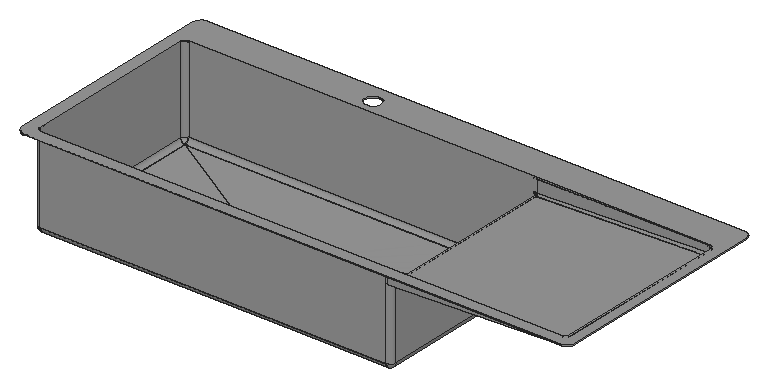
Revit family "Alma-TLAN08R-Jayden-RHS-1200-Stainless-Steel", category Plumbing Fixtures, host Face, Revit 2022
Family settings
  Host = Face
  Round Connector Dimension = Use Diameter
  Part Type = Normal
  Cut with Voids When Loaded = No
  Maintain Annotation Orientation = No
  Shared = No
  Room Calculation Point = No
Parameters (values of type "Jayden RHS 1200 Stainless Steel")
  Width = 770.0 mm
  Undermount [instance] = 30.0 mm
  URL = "https://www.buildmat.com.au/products/jayden-1200x500-single-bowl-tap-landing-with-right-drain-board-sink"
  Model = "TLAN08R"  # constant formula
  Manufacturer = "BUILDMAT"  # constant formula
  Length = 400.0 mm
  Drainboard Length = 380.0 mm
  Description = "Jayden 1200x500 Single Bowl with Tap Landing & RHS Drain Board Sink"  # constant formula
  Depth = 205.0 mm
  Default Elevation = 1219.2 mm
  Created = "22.12.2023"  # constant formula
  Brand = "Alma"  # constant formula
  Bowl = Alma Stainless Steel
Reference planes
  plane 1 "Center (Front/Back)": y = 0
  plane 2: z = 0
  plane 3 "Center (Left/Right)": x = 0
  plane 4 "Left": x = -385
  plane 5 "Right": x = 385
  plane 6 "Back": y = 200
  plane 7 "Front": y = -200
  plane 8 "Drainboard": x = 765
  plane 9: x = -386.5
  plane 10: x = 766.5
  plane 11: x = -375
  plane 12: x = 375
  plane 13: x = -410
  plane 14: x = 790
  plane 15: y = 201.5
  plane 16: y = -201.5
  plane 17: y = 100
  plane 18: y = -100
  plane 19: y = 275
  plane 20: y = -225
  plane 21 "Top Substrate": z = -30
  plane 22: z = -28.5
  plane 23 "Bottom Void": z = -235
  plane 24: z = -215
  plane 25: z = -225
  plane 26 "Sound Pad": z = -115
  plane 27: z = -226.5
  plane 28: z = -230
  plane 29: z = -231.5
  plane 30: x = -285
  plane 31: x = 285
  plane 32: x = 386.5
  plane 33: x = 755
  plane 34: y = 190
  plane 35: y = -190
  plane 36: x = -45
  plane 37: x = -57
  plane 38: x = 45
  plane 39: x = 57
  plane 40: z = -60
  plane 41: z = -45
  plane 42: x = -100
  plane 43: x = 100
  plane 44: x = 665
  plane 45: y = 232
  plane 46: y = 249.5
  plane 47: y = 214.5
  plane 48: x = -17.5
  plane 49: x = 17.5
Forms (mm)
  Extrusion 1, void
    sketch origin (0, 0, -30) x (-1, 0, 0) y (0, -1, 0)
      loop
        arc (390, -275) -> (404.142, -269.142) -> (410, -255) r 20
        line (410, -255) -> (410, 205)
        arc (410, 205) -> (404.142, 219.142) -> (390, 225) r 20
        line (390, 225) -> (-770, 225)
        arc (-770, 225) -> (-784.142, 219.142) -> (-790, 205) r 20
        line (-790, 205) -> (-790, -255)
        arc (-790, -255) -> (-784.142, -269.142) -> (-770, -275) r 20
        line (-770, -275) -> (390, -275)
    from 0 to 1.5
  Extrusion 2, void
    sketch origin (0, 0, -30) x (-1, 0, 0) y (0, -1, 0)
      loop
        arc (375, -200) -> (382.071, -197.071) -> (385, -190) r 10
        line (385, -190) -> (385, 190)
        arc (385, 190) -> (382.071, 197.071) -> (375, 200) r 10
        line (375, 200) -> (-755, 200)
        arc (-755, 200) -> (-762.071, 197.071) -> (-765, 190) r 10
        line (-765, 190) -> (-765, -190)
        arc (-765, -190) -> (-762.071, -197.071) -> (-755, -200) r 10
        line (-755, -200) -> (375, -200)
    from 1.5 to 30
  Extrusion 3, void
    sketch origin (0, 0, -30) x (-1, 0, 0) y (0, -1, 0)
      loop
        line (386.5, -201.5) -> (386.5, 201.5) -> (-766.5, 201.5) -> (-766.5, -201.5) -> (386.5, -201.5)
    from 0 to -205
  Extrusion 4, solid, material "Alma Stainless Steel" <- "Bowl"
    sketch origin (0, 0, -30) x (-1, 0, 0) y (0, -1, 0)
      loop
        arc (375, -200) -> (382.071, -197.071) -> (385, -190) r 10
        line (385, -190) -> (385, 190)
        arc (385, 190) -> (382.071, 197.071) -> (375, 200) r 10
        line (375, 200) -> (-375, 200)
        arc (-375, 200) -> (-382.071, 197.071) -> (-385, 190) r 10
        line (-385, 190) -> (-385, -190)
        arc (-385, -190) -> (-382.071, -197.071) -> (-375, -200) r 10
        line (-375, -200) -> (375, -200)
      loop
        arc (375, -201.5) -> (383.132, -198.132) -> (386.5, -190) r 11.5
        line (386.5, -190) -> (386.5, 190)
        arc (386.5, 190) -> (383.132, 198.132) -> (375, 201.5) r 11.5
        line (375, 201.5) -> (-375, 201.5)
        arc (-375, 201.5) -> (-383.132, 198.132) -> (-386.5, 190) r 11.5
        line (-386.5, 190) -> (-386.5, -190)
        arc (-386.5, -190) -> (-383.132, -198.132) -> (-375, -201.5) r 11.5
        line (-375, -201.5) -> (375, -201.5)
    from 0 to -185
  Extrusion 5, solid, material "Alma Stainless Steel" <- "Bowl"
    sketch origin (0, 0, -30) x (-1, 0, 0) y (0, -1, 0)
      loop
        arc (390, -275) -> (404.142, -269.142) -> (410, -255) r 20
        line (410, -255) -> (410, 205)
        arc (410, 205) -> (404.142, 219.142) -> (390, 225) r 20
        line (390, 225) -> (-770, 225)
        arc (-770, 225) -> (-784.142, 219.142) -> (-790, 205) r 20
        line (-790, 205) -> (-790, -255)
        arc (-790, -255) -> (-784.142, -269.142) -> (-770, -275) r 20
        line (-770, -275) -> (390, -275)
      loop
        arc (375, -200) -> (382.071, -197.071) -> (385, -190) r 10
        line (385, -190) -> (385, 190)
        arc (385, 190) -> (382.071, 197.071) -> (375, 200) r 10
        line (375, 200) -> (-755, 200)
        arc (-755, 200) -> (-762.071, 197.071) -> (-765, 190) r 10
        line (-765, 190) -> (-765, -190)
        arc (-765, -190) -> (-762.071, -197.071) -> (-755, -200) r 10
        line (-755, -200) -> (375, -200)
      loop
        circle (0, -232) r 17.5
    from 0 to 1.5
  Extrusion 6, solid, material "Alma Stainless Steel" <- "Bowl"
    sketch origin (0, 0, 0) x (1, 0, 0) y (0, 0, 1)
      loop
        line (-385, -215) -> (-386.5, -215)
        arc (-386.5, -215) -> (-383.132, -223.132) -> (-375, -226.5) r 11.5
        line (-375, -226.5) -> (-375, -225)
        arc (-375, -225) -> (-382.071, -222.071) -> (-385, -215) r 10
    from -190 to 190
  Extrusion 7, solid, material "Alma Stainless Steel" <- "Bowl"
    sketch origin (0, 0, 0) x (1, 0, 0) y (0, 0, 1)
      loop
        arc (385, -215) -> (382.071, -222.071) -> (375, -225) r 10
        line (375, -225) -> (375, -226.5)
        arc (375, -226.5) -> (383.132, -223.132) -> (386.5, -215) r 11.5
        line (386.5, -215) -> (385, -215)
    from -190 to 190
  Extrusion 8, solid, material "Alma Stainless Steel" <- "Bowl"
    sketch origin (0, 0, 0) x (0, 1, 0) y (0, 0, 1)
      loop
        arc (200, -215) -> (197.071, -222.071) -> (190, -225) r 10
        line (190, -225) -> (190, -226.5)
        arc (190, -226.5) -> (198.132, -223.132) -> (201.5, -215) r 11.5
        line (201.5, -215) -> (200, -215)
    from -375 to 375
  Extrusion 9, solid, material "Alma Stainless Steel" <- "Bowl"
    sketch origin (0, 0, 0) x (0, 1, 0) y (0, 0, 1)
      loop
        line (-200, -215) -> (-201.5, -215)
        arc (-201.5, -215) -> (-198.132, -223.132) -> (-190, -226.5) r 11.5
        line (-190, -226.5) -> (-190, -225)
        arc (-190, -225) -> (-197.071, -222.071) -> (-200, -215) r 10
    from -375 to 375
  Revolve 10, solid, material "Alma Stainless Steel" <- "Bowl"
    sketch origin (-414.842, 190, 1219.2) x (-1, 0, 0) y (0, 0, 1)
      loop
        line (-39.842, -1444.2) -> (-39.842, -1445.7)
        arc (-39.842, -1445.7) -> (-31.711, -1442.332) -> (-28.342, -1434.2) r 11.5
        line (-28.342, -1434.2) -> (-29.842, -1434.2)
        arc (-29.842, -1434.2) -> (-32.771, -1441.271) -> (-39.842, -1444.2) r 10
      axis (-39.842, -1434.2) -> (-39.842, -1445.7)
    angle from 0 to -90
  Revolve 11, solid, material "Alma Stainless Steel" <- "Bowl"
    sketch origin (-414.842, 190, 1219.2) x (-1, 0, 0) y (0, 0, 1)
      loop
        line (-799.842, -1434.2) -> (-801.342, -1434.2)
        arc (-801.342, -1434.2) -> (-797.974, -1442.332) -> (-789.842, -1445.7) r 11.5
        line (-789.842, -1445.7) -> (-789.842, -1444.2)
        arc (-789.842, -1444.2) -> (-796.913, -1441.271) -> (-799.842, -1434.2) r 10
      axis (-789.842, -1434.2) -> (-789.842, -1445.7)
    angle from 270 to 360
  Revolve 12, solid, material "Alma Stainless Steel" <- "Bowl"
    sketch origin (-414.842, -190, 1219.2) x (-1, 0, 0) y (0, 0, 1)
      loop
        line (-39.842, -1444.2) -> (-39.842, -1445.7)
        arc (-39.842, -1445.7) -> (-31.711, -1442.332) -> (-28.342, -1434.2) r 11.5
        line (-28.342, -1434.2) -> (-29.842, -1434.2)
        arc (-29.842, -1434.2) -> (-32.771, -1441.271) -> (-39.842, -1444.2) r 10
      axis (-39.842, -1434.2) -> (-39.842, -1445.7)
    angle from 0 to 90
  Revolve 13, solid, material "Alma Stainless Steel" <- "Bowl"
    sketch origin (-414.842, -190, 1219.2) x (-1, 0, 0) y (0, 0, 1)
      loop
        line (-799.842, -1434.2) -> (-801.342, -1434.2)
        arc (-801.342, -1434.2) -> (-797.974, -1442.332) -> (-789.842, -1445.7) r 11.5
        line (-789.842, -1445.7) -> (-789.842, -1444.2)
        arc (-789.842, -1444.2) -> (-796.913, -1441.271) -> (-799.842, -1434.2) r 10
      axis (-789.842, -1434.2) -> (-789.842, -1445.7)
    angle from -270 to -360
  Blend 14, solid, material "Alma Stainless Steel" <- "Bowl"
    base sketch origin (0, 0, -30) x (-1, 0, 0) y (0, -1, 0)
      loop
        circle (0, 0) r 57
    top sketch origin (0, 0, -30) x (-1, 0, 0) y (0, -1, 0)
      loop
        line (375, -190) -> (375, 190) -> (-375, 190) -> (-375, -190) -> (375, -190)
    from -201.5 to -196.5
  Extrusion 15, solid, material "Alma Stainless Steel" <- "Bowl"
    sketch origin (0, 0, -30) x (-1, 0, 0) y (0, -1, 0)
      loop
        line (375, -190) -> (375, 190) -> (-375, 190) -> (-375, -190) -> (375, -190)
    from -196.5 to -195
  Blend 16, void
    base sketch origin (0, 0, -30) x (-1, 0, 0) y (0, -1, 0)
      loop
        circle (0, 0) r 57
    top sketch origin (0, 0, -30) x (-1, 0, 0) y (0, -1, 0)
      loop
        line (375, -190) -> (375, 190) -> (-375, 190) -> (-375, -190) -> (375, -190)
    from -200 to -195
  Extrusion 17, void
    sketch origin (0, 0, -30) x (-1, 0, 0) y (0, -1, 0)
      loop
        circle (0, 0) r 57
    from -205 to -185
  Revolve 18, solid, material "Alma Stainless Steel" <- "Bowl"
    sketch origin (0, 0, 0) x (1, 0, 0) y (0, 0, 1)
      loop
        line (-45, -235) -> (-45, -233.5)
        spline (-45, -233.5) -> (-46.371, -233.47) -> (-47.718, -233.381) -> (-49.018, -233.234) -> (-50.25, -233.031) -> (-51.392, -232.777) -> (-52.425, -232.475) -> (-53.33, -232.131) -> (-54.093, -231.75) -> (-54.701, -231.339) -> (-55.142, -230.906) -> (-55.41, -230.457) -> (-55.5, -230)
        line (-55.5, -230) -> (-57, -230)
        spline (-57, -230) -> (-56.897, -230.653) -> (-56.591, -231.294) -> (-56.087, -231.913) -> (-55.392, -232.5) -> (-54.52, -233.044) -> (-53.485, -233.536) -> (-52.305, -233.967) -> (-51, -234.33) -> (-49.592, -234.619) -> (-48.106, -234.83) -> (-46.566, -234.957) -> (-45, -235)
      axis (0, -230) -> (0, -235)
    angle from 0 to 360
  Extrusion 19, solid, material "Alma Stainless Steel" <- "Bowl"
    sketch origin (0, 0, 0) x (1, 0, 0) y (0, 0, 1)
      loop
        line (766.5, -45) -> (766.5, -30) -> (765, -30) -> (765, -43.556) -> (375, -58.499) -> (375, -60) -> (766.5, -45)
    from -190 to 190
  Revolve 20, solid, material "Alma Stainless Steel" <- "Bowl"
    sketch origin (-414.842, -190, 1219.2) x (-1, 0, 0) y (0, 0, 1)
      loop
        line (-1181.342, -1249.2) -> (-1181.342, -1264.2) -> (-1169.842, -1264.641) -> (-1169.842, -1263.14) -> (-1179.842, -1262.756) -> (-1179.842, -1249.2) -> (-1181.342, -1249.2)
      axis (-1169.842, -1264.641) -> (-1169.842, -1249.2)
    angle from 0 to 90
  Revolve 21, solid, material "Alma Stainless Steel" <- "Bowl"
    sketch origin (-414.842, 190, 1219.2) x (-1, 0, 0) y (0, 0, 1)
      loop
        line (-1181.342, -1249.2) -> (-1181.342, -1264.2) -> (-1169.842, -1264.641) -> (-1169.842, -1263.14) -> (-1179.842, -1262.756) -> (-1179.842, -1249.2) -> (-1181.342, -1249.2)
      axis (-1169.842, -1249.2) -> (-1169.842, -1264.641)
    angle from -90 to 0
  SweptBlend 22, solid, material "Alma Stainless Steel" <- "Bowl"
    path origin (0, 0, -30) x (-1, 0, 0) y (0, -1, 0)
      loop
        line (-755, -200) -> (-375, -200)
    profile origin (755, 200, -30) x (0, -1, 0) y (0, 0, 1)
      loop
        line (-1.5, -15) -> (10, -15.419) -> (10, -13.918) -> (0, -13.554) -> (0, 0) -> (-1.5, 0) -> (-1.5, -15)
    end profile origin (375, 200, -30) x (0, -1, 0) y (0, 0, 1)
      loop
        line (10, -28.499) -> (0, -28.134) -> (0, 0) -> (-1.5, 0) -> (-1.5, -29.581) -> (10, -30) -> (10, -28.499)
  SweptBlend 23, solid, material "Alma Stainless Steel" <- "Bowl"
    path origin (0, 0, -30) x (-1, 0, 0) y (0, -1, 0)
      loop
        line (-755, 200) -> (-375, 200)
    profile origin (755, -200, -30) x (0, -1, 0) y (0, 0, 1)
      loop
        line (-10, -15.419) -> (1.5, -15) -> (1.5, 0) -> (0, 0) -> (0, -13.554) -> (-10, -13.918) -> (-10, -15.419)
    end profile origin (375, -200, -30) x (0, -1, 0) y (0, 0, 1)
      loop
        line (-10, -30) -> (1.5, -29.581) -> (1.5, 0) -> (0, 0) -> (0, -28.134) -> (-10, -28.499) -> (-10, -30)
  SweptBlend 24, void
    path origin (0, 0, 0) x (1, 0, 0) y (0, 0, 1)
      loop
        line (375, -30) -> (755, -30)
    profile origin (375, 0, -30) x (0, 0, 1) y (0, -1, 0)
      loop
        line (0, -200) -> (0, 200) -> (-29.635, 200) -> (-30, 190) -> (-30, -190) -> (-29.635, -200) -> (0, -200)
    end profile origin (755, 0, -30) x (0, 0, 1) y (0, -1, 0)
      loop
        line (0, -200) -> (0, 200) -> (-15, 200) -> (-15, -200) -> (0, -200)
  Extrusion 25, void
    sketch origin (0, 0, -30) x (-1, 0, 0) y (0, -1, 0)
      loop
        line (-375, -200) -> (-375, 200)
        arc (-375, 200) -> (-382.071, 197.071) -> (-385, 190) r 10
        line (-385, 190) -> (-385, -190)
        arc (-385, -190) -> (-382.071, -197.071) -> (-375, -200) r 10
    from 0 to -30
Cuts and joins
  SweptBlend 24 cuts Extrusion 4
  SweptBlend 24 cuts Extrusion 5
  joined: Extrusion 4, Extrusion 5
  Blend 16, Extrusion 17 cuts Blend 14
  Blend 16 cuts Extrusion 15
  joined: Blend 14, Extrusion 15
  SweptBlend 24 cuts Revolve 20
  SweptBlend 24 cuts Revolve 21
  Extrusion 25 cuts Extrusion 19
  Extrusion 25 cuts SweptBlend 22
  Extrusion 25 cuts SweptBlend 23
Lines and regions (mm)
  Masking region 1
    outline origin (0, 0, 0) x (1, 0, 0) y (0, 0, 1)
      loop
        line (-375, -225) -> (-57, -230) -> (57, -230) -> (375, -225)
        arc (375, -225) -> (382.071, -222.071) -> (385, -215) r 10
        line (385, -215) -> (385, -58.084) -> (765, -43.561) -> (765, -30) -> (-385, -30) -> (-385, -215)
        arc (-385, -215) -> (-382.071, -222.071) -> (-375, -225) r 10
  Masking region 2
    outline origin (0, 0, 0) x (1, 0, 0) y (0, 0, 1)
      loop
        line (-100, -230.466) -> (-100, -235) -> (-57, -235) -> (-57, -231.5) -> (-100, -230.466)
  Masking region 3
    outline origin (0, 0, 0) x (1, 0, 0) y (0, 0, 1)
      loop
        line (100, -230.466) -> (57, -231.5) -> (57, -235) -> (100, -235) -> (100, -230.466)
  Masking region 4
    outline origin (0, 0, 0) x (1, 0, 0) y (0, 0, 1)
      loop
        line (386.5, -107.929) -> (437.012, -57.417) -> (392.742, -59.261) -> (386.5, -65.503) -> (386.5, -107.929)
  Masking region 5
    outline origin (0, 0, 0) x (1, 0, 0) y (0, 0, 1)
      loop
        line (779, -30) -> (777.5, -30) -> (777.5, -45) -> (779, -45) -> (779, -30)
Text (mm)
  text "Refer to www.buildmat.com.au for the most current product literature. \nAllow a +/- 5mm tolerance for dimensions shown in the product literature. \nPlease note product details are subject to change due to ongoing product development." at (0.056, -1035.857, 0), in view "Ref. Level"
Dimensions and locks
  equal spacing: plane 4 "Left", plane 3 "Center (Left/Right)", plane 5 "Right"
  "Width": plane 4 "Left" to plane 5 "Right"
  equal spacing: plane 6 "Back", plane 1 "Center (Front/Back)", plane 7 "Front"
  "Length": plane 6 "Back" to plane 7 "Front"
  "Drainboard Length": plane 5 "Right" to plane 8 "Drainboard"
  plane 9 to plane 4 "Left" = 1.5 mm
  plane 8 "Drainboard" to plane 10 = 1.5 mm
  locked: plane 4 "Left" to plane 11 at 10
  locked: plane 12 to plane 5 "Right" at 10
  locked: plane 13 to plane 4 "Left" at 25
  locked: plane 8 "Drainboard" to plane 14 at 25
  locked: plane 15 to plane 6 "Back" at 1.5
  locked: plane 7 "Front" to plane 16 at 1.5
  locked: plane 6 "Back" to plane 17 at 100
  locked: plane 7 "Front" to plane 18 at 100
  locked: plane 7 "Front" to plane 20 at 25
  locked: plane 19 to plane 6 "Back" at 75
  locked: plane 22 to plane 21 "Top Substrate" at 1.5
  "Depth": plane 21 "Top Substrate" to plane 23 "Bottom Void"
  "Undermount": plane 2 to plane 21 "Top Substrate"
  plane 24 to plane 25 to plane 23 "Bottom Void" = 10.0 mm, 10.0 mm
  locked: plane 26 "Sound Pad" to plane 23 "Bottom Void" at 120
  locked: plane 25 to plane 27 at 1.5
  locked: plane 28 to plane 23 "Bottom Void" at 5
  plane 28 to plane 29 = 1.5 mm
  locked: plane 30 to plane 4 "Left" at 100
  locked: plane 5 "Right" to plane 31 at 100
  locked: plane 5 "Right" to plane 32 at 1.5
  locked: plane 33 to plane 8 "Drainboard" at 10
  locked: plane 6 "Back" to plane 34 at 10
  locked: plane 35 to plane 7 "Front" at 10
  plane 37 to plane 3 "Center (Left/Right)" to plane 39 = 57.0 mm, 57.0 mm
  plane 36 to plane 3 "Center (Left/Right)" to plane 38 = 45.0 mm, 45.0 mm
  plane 21 "Top Substrate" to plane 41 to plane 40 = 15.0 mm locked, 15.0 mm locked
  locked: Extrusion 19 sketch curve to Extrusion 19 sketch curve at 1.5
  plane 43 to plane 3 "Center (Left/Right)" to plane 42 = 100.0 mm locked, 100.0 mm locked
  locked: plane 44 to plane 8 "Drainboard" at 100
  plane 19 to plane 45 = 43.0 mm
  equal spacing: plane 48, plane 3 "Center (Left/Right)", plane 49
  plane 48 to plane 49 = 35.0 mm
  equal spacing: plane 46, plane 45, plane 47
  plane 46 to plane 47 = 35.0 mm
  aligned and locked: plane 2 to host face
  aligned and locked: level to host face
  aligned and locked: plane 13 to Extrusion 1 sketch curve
  aligned and locked: Extrusion 1 sketch curve to plane 14
  aligned and locked: Extrusion 1 sketch curve to plane 19
  aligned and locked: Extrusion 1 sketch curve to plane 20
  aligned and locked: plane 7 "Front" to Extrusion 2 sketch curve
  aligned and locked: plane 4 "Left" to Extrusion 2 sketch curve
  aligned and locked: Extrusion 2 sketch curve to plane 6 "Back"
  aligned and locked: Extrusion 2 sketch curve to plane 8 "Drainboard"
  aligned and locked: plane 2 to Extrusion 2
  aligned and locked: Extrusion 2 to plane 22
  aligned and locked: Extrusion 3 sketch curve to plane 9
  aligned and locked: plane 10 to Extrusion 3 sketch curve
  aligned and locked: plane 16 to Extrusion 3 sketch curve
  aligned and locked: Extrusion 3 sketch curve to plane 15
  aligned and locked: Extrusion 3 to plane 23 "Bottom Void"
  aligned and locked: plane 21 "Top Substrate" to Extrusion 3
  aligned and locked: Extrusion 4 sketch curve to plane 6 "Back"
  aligned and locked: Extrusion 4 sketch curve to plane 15
  aligned and locked: Extrusion 4 sketch curve to plane 9
  aligned and locked: Extrusion 4 sketch curve to plane 4 "Left"
  aligned and locked: Extrusion 4 sketch curve to plane 32
  aligned and locked: Extrusion 4 sketch curve to plane 5 "Right"
  aligned and locked: Extrusion 4 sketch curve to plane 7 "Front"
  aligned and locked: Extrusion 4 sketch curve to plane 16
  aligned and locked: plane 21 "Top Substrate" to Extrusion 4
  aligned and locked: Extrusion 4 to plane 24
  aligned and locked: Extrusion 5 sketch curve to plane 19
  aligned and locked: Extrusion 5 sketch curve to plane 6 "Back"
  aligned and locked: Extrusion 5 sketch curve to plane 7 "Front"
  aligned and locked: Extrusion 5 sketch curve to plane 20
  aligned and locked: Extrusion 5 sketch curve to plane 4 "Left"
  aligned and locked: Extrusion 5 sketch curve to plane 13
  aligned and locked: Extrusion 5 sketch curve to plane 14
  aligned and locked: Extrusion 5 sketch curve to plane 8 "Drainboard"
  aligned and locked: Extrusion 5 to plane 21 "Top Substrate"
  aligned and locked: Extrusion 5 to plane 22
  aligned and locked: plane 34 to Extrusion 6
  aligned and locked: Extrusion 6 to plane 35
  aligned and locked: plane 34 to Extrusion 7
  aligned and locked: Extrusion 7 to plane 35
  aligned and locked: plane 12 to Extrusion 9
  aligned and locked: Extrusion 9 to plane 11
  aligned and locked: Extrusion 8 to plane 11
  aligned and locked: plane 12 to Extrusion 8
  aligned and locked: Revolve 10 sketch curve to plane 11
  aligned and locked: Revolve 10 sketch curve to Extrusion 6  (x2)
  aligned and locked: cut or joined group of Extrusion 4, Extrusion 5, SweptBlend 24 to Revolve 10 sketch curve
  aligned and locked: Revolve 10 sketch curve to Extrusion 9
  aligned and locked: Revolve 11 sketch curve to plane 12
  aligned and locked: Revolve 11 sketch curve to Extrusion 7  (x2)
  aligned and locked: Revolve 11 sketch curve to cut or joined group of Extrusion 4, Extrusion 5, SweptBlend 24
  aligned and locked: Extrusion 9 to Revolve 11 sketch curve
  aligned and locked: Revolve 12 sketch curve to plane 11
  aligned and locked: Revolve 12 sketch curve to Extrusion 6  (x2)
  aligned and locked: cut or joined group of Extrusion 4, Extrusion 5, SweptBlend 24 to Revolve 12 sketch curve
  aligned and locked: Revolve 12 sketch curve to Extrusion 9
  aligned and locked: Revolve 13 sketch curve to plane 12
  aligned and locked: Revolve 13 sketch curve to Extrusion 7  (x2)
  aligned and locked: Revolve 13 sketch curve to cut or joined group of Extrusion 4, Extrusion 5, SweptBlend 24
  aligned and locked: Extrusion 9 to Revolve 13 sketch curve
  aligned and locked: plane 35 to Blend 14 sketch curve
  aligned and locked: Blend 14 sketch curve to plane 34
  aligned and locked: plane 11 to Blend 14 sketch curve
  aligned and locked: Blend 14 sketch curve to plane 12
  aligned and locked: Blend 14 to plane 29
  aligned and locked: Blend 14 to plane 27
  aligned and locked: plane 11 to Extrusion 15 sketch curve
  aligned and locked: Extrusion 15 sketch curve to plane 34
  aligned and locked: plane 35 to Extrusion 15 sketch curve
  aligned and locked: Extrusion 15 sketch curve to plane 12
  aligned and locked: Extrusion 15 to plane 27
  aligned and locked: Extrusion 15 to plane 25
  aligned and locked: Blend 16 sketch curve to plane 34
  aligned and locked: plane 35 to Blend 16 sketch curve
  aligned and locked: plane 11 to Blend 16 sketch curve
  aligned and locked: Blend 16 sketch curve to plane 12
  aligned and locked: plane 28 to Blend 16
  aligned and locked: Blend 16 to plane 25
  aligned and locked: Extrusion 17 to plane 23 "Bottom Void"
  aligned and locked: plane 24 to Extrusion 17
  aligned and locked: Revolve 18 sketch curve to plane 3 "Center (Left/Right)"
  aligned and locked: Extrusion 19 sketch curve to plane 10
  aligned and locked: Extrusion 19 sketch curve to plane 8 "Drainboard"
  aligned and locked: plane 21 "Top Substrate" to Extrusion 19 sketch curve
  aligned and locked: plane 12 to Extrusion 19 sketch curve
  aligned and locked: plane 40 to Extrusion 19 sketch curve
  aligned and locked: Extrusion 19 sketch curve to plane 41
  aligned and locked: Extrusion 19 to plane 35
  aligned and locked: Extrusion 19 to plane 34
  aligned and locked: plane 33 to Revolve 20 sketch curve  (x2)
  aligned and locked: Revolve 20 sketch curve to Extrusion 19  (x3)
  aligned and locked: Extrusion 19 to Revolve 20 sketch curve
  aligned and locked: cut or joined group of Extrusion 4, Extrusion 5, SweptBlend 24 to Revolve 20 sketch curve
  aligned and locked: Revolve 21 sketch curve to plane 33
  aligned and locked: Revolve 21 sketch curve to Extrusion 19  (x3)
  aligned and locked: Extrusion 19 to Revolve 21 sketch curve
  aligned and locked: Revolve 20 to Revolve 21 sketch curve
  aligned and locked: cut or joined group of Extrusion 4, Extrusion 5, SweptBlend 24 to Revolve 21 sketch curve
  aligned and locked: plane 12 to SweptBlend 22 sketch curve
  aligned and locked: plane 33 to SweptBlend 22 sketch curve
  aligned and locked: plane 6 "Back" to SweptBlend 22 sketch curve
  aligned and locked: plane 12 to SweptBlend 23 sketch curve
  aligned and locked: plane 33 to SweptBlend 23 sketch curve
  aligned and locked: plane 7 "Front" to SweptBlend 23 sketch curve
  aligned and locked: plane 12 to SweptBlend 24 sketch curve
  aligned and locked: plane 33 to SweptBlend 24 sketch curve
  aligned and locked: SweptBlend 24 sketch curve to plane 21 "Top Substrate"  (x3)
  aligned and locked: SweptBlend 24 sketch curve to plane 6 "Back"  (x2)
  aligned and locked: plane 7 "Front" to SweptBlend 24 sketch curve  (x2)
  aligned and locked: plane 40 to SweptBlend 24 sketch curve
  aligned and locked: plane 41 to SweptBlend 24 sketch curve
  aligned and locked: SweptBlend 22 to SweptBlend 24 sketch curve
  aligned and locked: SweptBlend 24 sketch curve to SweptBlend 23
  aligned and locked: Extrusion 25 sketch curve to cut or joined group of Extrusion 4, Extrusion 5, SweptBlend 24  (x2)
  aligned and locked: Extrusion 25 sketch curve to plane 12
  aligned and locked: Extrusion 25 to plane 40
  aligned and locked: nested 1 to plane 21 "Top Substrate"
  aligned and locked: plane 30 to nested 1
  aligned and locked: nested 2 to plane 21 "Top Substrate"
  aligned and locked: plane 31 to nested 2
  aligned and locked: nested 3 to plane 26 "Sound Pad"
  aligned and locked: plane 3 "Center (Left/Right)" to nested 3
  aligned and locked: plane 30 to nested 4
  aligned and locked: nested 4 to plane 15
  aligned and locked: plane 31 to nested 5
  aligned and locked: nested 5 to plane 15
  aligned and locked: nested 6 to plane 17
  aligned and locked: nested 6 to plane 9
  aligned and locked: nested 7 to plane 18
  aligned and locked: nested 7 to plane 9
  aligned and locked: nested 8 to plane 30
  aligned and locked: plane 16 to nested 8
  aligned and locked: plane 16 to nested 9
  aligned and locked: nested 9 to plane 31
  aligned and locked: nested 13 to plane 44
  aligned and locked: plane 44 to nested 10
  aligned and locked: nested 10 to plane 15
  aligned and locked: plane 16 to nested 13
  aligned and locked: plane 18 to nested 12
  aligned and locked: plane 10 to nested 12
  aligned and locked: plane 17 to nested 11
  aligned and locked: plane 10 to nested 11
  aligned and locked: plane 11 to nested 14
  aligned and locked: plane 12 to nested 14
  aligned and locked: plane 35 to nested 14
  aligned and locked: plane 34 to nested 14
  aligned and locked: plane 3 "Center (Left/Right)" to nested 15
  aligned and locked: plane 1 "Center (Front/Back)" to nested 15
Automatic sketch dimensions
  host sketch curve to host sketch curve = 2438.4 mm  (x2)
  Extrusion 1 sketch curve to plane 10 = 3.5 mm  (x2)
  plane 9 to Extrusion 1 sketch curve = 3.5 mm  (x2)
  Extrusion 2 sketch curve to plane 33 = 0.0 mm  (x2)
  Extrusion 2 sketch curve to plane 11 = 0.0 mm
  Extrusion 2 sketch curve to plane 34 = 0.0 mm
  Extrusion 4 sketch curve to Extrusion 4 sketch curve = 0.0 mm  (x4)
  Extrusion 4 sketch curve to plane 12 = 0.0 mm  (x2)
  Extrusion 4 sketch curve to plane 11 = 0.0 mm
  Extrusion 4 sketch curve to plane 34 = 0.0 mm
  Extrusion 6 sketch curve to plane 4 "Left" = 0.0 mm
  Extrusion 6 sketch curve to plane 11 = 0.0 mm
  Extrusion 6 sketch curve to plane 27 = 0.0 mm
  Extrusion 6 sketch curve to plane 25 = 0.0 mm
  Extrusion 7 sketch curve to plane 12 = 0.0 mm
  Extrusion 7 sketch curve to plane 5 "Right" = 0.0 mm
  Extrusion 7 sketch curve to plane 24 = 0.0 mm
  plane 32 to Extrusion 7 sketch curve = 0.0 mm
  Extrusion 8 sketch curve to plane 27 = 0.0 mm
  Extrusion 8 sketch curve to plane 34 = 0.0 mm
  Extrusion 8 sketch curve to plane 6 "Back" = 0.0 mm
  Extrusion 8 sketch curve to plane 15 = 0.0 mm
  Extrusion 9 sketch curve to plane 16 = 0.0 mm
  Extrusion 9 sketch curve to plane 7 "Front" = 0.0 mm
  Extrusion 9 sketch curve to plane 35 = 0.0 mm
  Extrusion 9 sketch curve to plane 24 = 0.0 mm
  Revolve 10 sketch curve to plane 27 = 0.0 mm
  Revolve 10 sketch curve to plane 24 = 10.0 mm
  Revolve 11 sketch curve to plane 27 = 0.0 mm
  Revolve 11 sketch curve to plane 24 = 0.0 mm
  Revolve 12 sketch curve to plane 27 = 0.0 mm
  Revolve 12 sketch curve to plane 24 = 0.0 mm
  Revolve 13 sketch curve to plane 27 = 0.0 mm
  Revolve 13 sketch curve to plane 24 = 0.0 mm
  plane 1 "Center (Front/Back)" to Blend 14 sketch curve = 0.0 mm
  Blend 14 sketch curve to plane 3 "Center (Left/Right)" = 0.0 mm
  plane 1 "Center (Front/Back)" to Blend 16 sketch curve = 0.0 mm
  Blend 16 sketch curve to plane 3 "Center (Left/Right)" = 0.0 mm
  plane 1 "Center (Front/Back)" to Extrusion 17 sketch curve = 0.0 mm
  Extrusion 17 sketch curve to plane 3 "Center (Left/Right)" = 0.0 mm
  Revolve 18 sketch curve to plane 28 = 0.0 mm  (x2)
  Revolve 18 sketch curve to plane 37 = 0.0 mm
  Revolve 18 sketch curve to plane 23 "Bottom Void" = 0.0 mm  (x2)
  Revolve 18 sketch curve to plane 36 = 0.0 mm
  Revolve 18 sketch curve to plane 24 = 0.0 mm
  plane 37 to Revolve 18 sketch curve = 1.5 mm
  Revolve 18 sketch curve to Revolve 18 sketch curve = 1.5 mm
  Revolve 20 sketch curve to plane 21 "Top Substrate" = 0.0 mm
  Revolve 20 sketch curve to plane 40 = 0.0 mm
  Revolve 21 sketch curve to plane 40 = 0.0 mm
  Revolve 21 sketch curve to plane 21 "Top Substrate" = 0.0 mm
  SweptBlend 22 sketch curve to plane 21 "Top Substrate" = 15.0 mm
  SweptBlend 22 sketch curve to profile plane = 10.0 mm  (x2)
  SweptBlend 22 sketch curve to SweptBlend 22 sketch curve = 0.419 mm  (x2)
  SweptBlend 22 sketch curve to SweptBlend 22 sketch curve = 1.501 mm  (x2)
  SweptBlend 22 sketch curve to SweptBlend 22 sketch curve = 1.446 mm  (x2)
  SweptBlend 22 sketch curve to plane 21 "Top Substrate" = 0.0 mm  (x2)
  profile plane to SweptBlend 22 sketch curve = 1.5 mm  (x2)
  SweptBlend 22 sketch curve to profile plane = 0.0 mm  (x2)
  SweptBlend 22 sketch curve to plane 21 "Top Substrate" = 28.499 mm
  SweptBlend 23 sketch curve to profile plane = 0.0 mm  (x2)
  SweptBlend 23 sketch curve to plane 21 "Top Substrate" = 0.0 mm  (x2)
  profile plane to SweptBlend 23 sketch curve = 10.0 mm
  SweptBlend 23 sketch curve to plane 21 "Top Substrate" = 13.554 mm
  SweptBlend 23 sketch curve to SweptBlend 23 sketch curve = 0.365 mm  (x2)
  SweptBlend 23 sketch curve to SweptBlend 23 sketch curve = 1.501 mm
  SweptBlend 23 sketch curve to profile plane = 1.5 mm  (x2)
  SweptBlend 23 sketch curve to SweptBlend 23 sketch curve = 1.446 mm  (x2)
  SweptBlend 23 sketch curve to plane 21 "Top Substrate" = 28.134 mm
  SweptBlend 23 sketch curve to SweptBlend 23 sketch curve = 0.419 mm
  SweptBlend 23 sketch curve to SweptBlend 23 sketch curve = 10.0 mm
  Masking region 1 sketch curve to plane 11 = 0.0 mm
  Masking region 1 sketch curve to plane 25 = 0.0 mm  (x2)
  Masking region 1 sketch curve to plane 8 "Drainboard" = 0.0 mm
  plane 41 to Masking region 1 sketch curve = 1.439 mm
  plane 40 to Masking region 1 sketch curve = 1.916 mm
  Masking region 1 sketch curve to plane 12 = 0.0 mm
  Masking region 1 sketch curve to plane 28 = 0.0 mm
  Masking region 1 sketch curve to plane 39 = 0.0 mm
  Masking region 1 sketch curve to plane 37 = 0.0 mm
  Masking region 1 sketch curve to plane 4 "Left" = 0.0 mm
  Masking region 1 sketch curve to plane 5 "Right" = 0.0 mm
  Masking region 1 sketch curve to plane 21 "Top Substrate" = 0.0 mm
  Masking region 2 sketch curve to plane 42 = 0.0 mm
  Masking region 2 sketch curve to plane 29 = 0.0 mm
  Masking region 2 sketch curve to plane 27 = 3.966 mm
  Masking region 2 sketch curve to plane 23 "Bottom Void" = 0.0 mm
  Masking region 2 sketch curve to plane 37 = 0.0 mm
  Masking region 3 sketch curve to plane 43 = 0.0 mm
  Masking region 3 sketch curve to plane 29 = 0.0 mm
  Masking region 3 sketch curve to plane 27 = 3.966 mm
  Masking region 3 sketch curve to plane 23 "Bottom Void" = 0.0 mm
  Masking region 3 sketch curve to plane 39 = 0.0 mm
  plane 32 to Masking region 4 sketch curve = 0.0 mm
  plane 26 "Sound Pad" to Masking region 4 sketch curve = 7.071 mm
  plane 40 to Masking region 4 sketch curve = 0.739 mm
  plane 5 "Right" to Masking region 4 sketch curve = 7.742 mm
  plane 40 to Masking region 4 sketch curve = 2.583 mm
  Masking region 4 sketch curve to plane 40 = 5.503 mm
  Masking region 4 sketch curve to Masking region 4 sketch curve = 44.271 mm
  Masking region 5 sketch curve to plane 41 = 0.0 mm
  Masking region 5 sketch curve to plane 10 = 11.0 mm
  Masking region 5 sketch curve to Masking region 5 sketch curve = 1.5 mm
  Masking region 5 sketch curve to plane 21 "Top Substrate" = 0.0 mm
  Extrusion 5 sketch curve to plane 33 = 0.0 mm  (x2)
  Extrusion 5 sketch curve to plane 3 "Center (Left/Right)" = 0.0 mm
  Extrusion 5 sketch curve to plane 11 = 0.0 mm  (x2)
  Extrusion 5 sketch curve to plane 45 = 0.0 mm
  Extrusion 5 sketch curve to plane 10 = 3.5 mm  (x2)
  plane 9 to Extrusion 5 sketch curve = 3.5 mm  (x2)
  radius of Blend 14 sketch curve = 57.0 mm
  radius of Blend 16 sketch curve = 57.0 mm
  radius of Extrusion 17 sketch curve = 57.0 mm
  radius of Extrusion 5 sketch curve = 17.5 mm
Nested families
  nested 1: "TMB_Front" at (-285, 0, -30) x (1, 0, 0) z (0, -1, 0), type "TMB_Front"
  nested 2: "TMB_Front" at (285, 0, -30) x (1, 0, 0) z (0, -1, 0), type "TMB_Front"
  nested 3: "SP_Front" at (0, 0, -115) x (1, 0, 0) z (0, -1, 0), type "SP_Front"
  nested 4: "TMB_Plan" at (-285, 201.5, -30), type "TMB_Plan"
  nested 5: "TMB_Plan" at (285, 201.5, -30), type "TMB_Plan"
  nested 6: "TMB_Plan" at (-386.5, 100, -30) x (0, 1, 0) z (0, 0, 1), type "TMB_Plan"
  nested 7: "TMB_Plan" at (-386.5, -100, -30) x (0, 1, 0) z (0, 0, 1), type "TMB_Plan"
  nested 8: "TMB_Plan" at (-285, -201.5, -30) x (-1, 0, 0) z (0, 0, 1), type "TMB_Plan"
  nested 9: "TMB_Plan" at (285, -201.5, -30) x (-1, 0, 0) z (0, 0, 1), type "TMB_Plan"
  nested 10: "GB_Plan" at (665, 201.5, -30), type "GB_Plan"
  nested 11: "GB_Plan" at (766.5, 100, -30) x (0, -1, 0) z (0, 0, 1), type "GB_Plan"
  nested 12: "GB_Plan" at (766.5, -100, -30) x (0, -1, 0) z (0, 0, 1), type "GB_Plan"
  nested 13: "GB_Plan" at (665, -201.5, -30) x (-1, 0, 0) z (0, 0, 1), type "GB_Plan"
  nested 14: "BOWL Plan" at (0, 0, -115), type "BOWL Plan"
    with Width 750.0 mm, Lenght 380.0 mm
  nested 15: "DRAIN" at (0, 0, -30), type "DRAIN"
Definition of nested family "TMB_Front"
  Reference planes
    plane 1 "Center (Elevation)": y = 0
    plane 2: z = 0
    plane 3 "Center (Left/Right)": x = 0
  Lines and regions (mm)
    Masking region 1, in view "Ref. Level"
      outline origin (0, 0, 0) x (1, 0, 0) y (0, 1, 0)
        loop
          line (-17.5, 0) -> (-17.5, -80) -> (17.5, -80) -> (17.5, 0) -> (-17.5, 0)
    detail lines, in view "Ref. Level"
      curve 1: line (-17.5, 0, 0) -> (-17.5, -80, 0)
      curve 2: line (-17.5, -80, 0) -> (17.5, -80, 0)
      curve 3: line (17.5, -80, 0) -> (17.5, 0, 0)
      curve 4: line (-12.5, -50, 0) -> (12.5, -50, 0)
      curve 5: line (-12.5, -75, 0) -> (-12.5, -50, 0)
      curve 6: line (12.5, -75, 0) -> (-12.5, -75, 0)
      curve 7: line (12.5, -50, 0) -> (12.5, -75, 0)
Definition of nested family "SP_Front"
  Reference planes
    plane 1 "Center (Elevation)": y = 0
    plane 2: z = 0
    plane 3 "Center (Left/Right)": x = 0
  Lines and regions (mm)
    Masking region 1, in view "Ref. Level"
      outline origin (0, 0, 0) x (1, 0, 0) y (0, 1, 0)
        loop
          arc (-50, 40) -> (-57.071, 37.071) -> (-60, 30) r 10
          line (-60, 30) -> (-60, -30)
          arc (-60, -30) -> (-57.071, -37.071) -> (-50, -40) r 10
          line (-50, -40) -> (50, -40)
          arc (50, -40) -> (57.071, -37.071) -> (60, -30) r 10
          line (60, -30) -> (60, 30)
          arc (60, 30) -> (57.071, 37.071) -> (50, 40) r 10
          line (50, 40) -> (-50, 40)
    detail lines, in view "Ref. Level"
      curve 1: line (-50, 40, 0) -> (50, 40, 0)
      curve 2: line (50, -40, 0) -> (-50, -40, 0)
      curve 3: line (60, 30, 0) -> (60, -30, 0)
      curve 4: line (-60, 30, 0) -> (-60, -30, 0)
      curve 5: arc (-50, 40, 0) -> (-57.071, 37.071, 0) -> (-60, 30, 0) r 10
      curve 6: arc (-60, -30, 0) -> (-57.071, -37.071, 0) -> (-50, -40, 0) r 10
      curve 7: arc (50, -40, 0) -> (57.071, -37.071, 0) -> (60, -30, 0) r 10
      curve 8: arc (60, 30, 0) -> (57.071, 37.071, 0) -> (50, 40, 0) r 10
  Dimensions and locks
    aligned and locked: Masking region 1 sketch curve to curve 1
    aligned and locked: Masking region 1 sketch curve to curve 4
    aligned and locked: Masking region 1 sketch curve to curve 2
    aligned and locked: Masking region 1 sketch curve to curve 3
Definition of nested family "TMB_Plan"
  Reference planes
    plane 1 "Center (Front/Back)": y = 0
    plane 2: z = 0
    plane 3 "Center (Left/Right)": x = 0
  Lines and regions (mm)
    detail lines, in view "Ref. Level"
      curve 1: line (-17.5, 0, 0) -> (17.5, 0, 0)
      curve 2: line (17.5, 0, 0) -> (17.5, 5, 0)
      curve 3: line (17.5, 5, 0) -> (12.5, 5, 0)
      curve 4: line (-17.5, 0, 0) -> (-17.5, 5, 0)
      curve 5: line (-17.5, 5, 0) -> (-12.5, 5, 0)
Definition of nested family "GB_Plan"
  Reference planes
    plane 1 "Center (Front/Back)": y = 0
    plane 2: z = 0
    plane 3 "Center (Left/Right)": x = 0
  Lines and regions (mm)
    detail lines, in view "Ref. Level"
      curve 1: line (-10, 0, 0) -> (10, 0, 0)
      curve 2: line (-10, 0, 0) -> (-10, 10, 0)
      curve 3: line (10, 0, 0) -> (10, 10, 0)
      curve 4: line (-10, 10, 0) -> (-6.464, 13.536, 0)
      curve 5: line (10, 10, 0) -> (6.464, 13.536, 0)
Definition of nested family "BOWL Plan"
  Parameters (values of type "BOWL Plan")
    Width [instance] = 600.0 mm
    Lenght [instance] = 400.0 mm
  Reference planes
    plane 1 "Center (Front/Back)": y = 0
    plane 2: z = 0
    plane 3 "Center (Left/Right)": x = 0
    plane 4 "Left": x = -300
    plane 5 "Right": x = 300
    plane 6 "Back": y = 200
    plane 7 "Front": y = -200
  Lines and regions (mm)
    Masking region 1, in view "Ref. Level"
      outline origin (0, 0, 0) x (1, 0, 0) y (0, 1, 0)
        loop
          line (-300, 200) -> (-300, -200) -> (300, -200) -> (300, 200) -> (-300, 200)
    detail lines, in view "Ref. Level"
      curve 1: line (-300, 200, 0) -> (300, -200, 0)
      curve 2: line (-300, -200, 0) -> (300, 200, 0)
  Dimensions and locks
    equal spacing: plane 6 "Back", plane 1 "Center (Front/Back)", plane 7 "Front"
    "Lenght": plane 6 "Back" to plane 7 "Front"
    equal spacing: plane 4 "Left", plane 3 "Center (Left/Right)", plane 5 "Right"
    "Width": plane 4 "Left" to plane 5 "Right"
    aligned and locked: plane 4 "Left" to Masking region 1 sketch curve
    aligned and locked: Masking region 1 sketch curve to plane 5 "Right"
    aligned and locked: plane 7 "Front" to Masking region 1 sketch curve
    aligned and locked: Masking region 1 sketch curve to plane 6 "Back"
  Automatic sketch dimensions
    curve 2 to plane 4 "Left" = 0.0 mm
    curve 1 to plane 4 "Left" = 0.0 mm
    curve 2 to plane 5 "Right" = 0.0 mm
    curve 1 to plane 5 "Right" = 0.0 mm
    curve 1 to plane 7 "Front" = 0.0 mm
    curve 2 to plane 7 "Front" = 0.0 mm
    curve 2 to plane 6 "Back" = 0.0 mm
    curve 1 to plane 6 "Back" = 0.0 mm
Definition of nested family "DRAIN"
  Reference planes
    plane 1 "Center (Front/Back)": y = 0
    plane 2: z = 0
    plane 3 "Center (Left/Right)": x = 0
  Lines and regions (mm)
    Masking region 1, in view "Ref. Level"
      outline origin (0, 0, 0) x (1, 0, 0) y (0, 1, 0)
        loop
          circle (0, 0) r 57
    detail lines, in view "Ref. Level"
      curve 1: circle (0, 0, 0) r 45 normal (0, 0, 1)
      curve 2: circle (0, 0, 0) r 55.5 normal (0, 0, 1)
